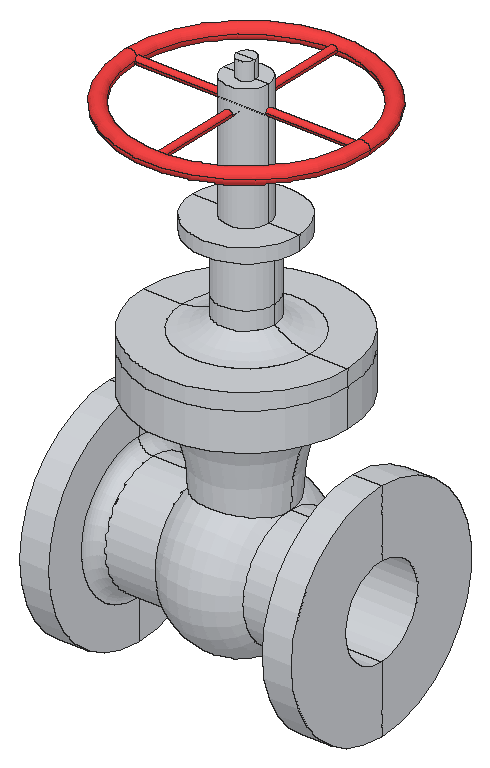
Revit family "闸阀变径", category 管道附件, Revit 2020
Family settings
  圆形连接件大小 = 使用半径
  零件类型 = 阀门 - 插入
  基于工作平面 = 否
  总是垂直 = 是
  加载时剪切的空心 = 否
  共享 = 否
Parameters (values of type "25mm")
  Default Elevation = 0 mm
  阀门设置 [instance] = ""
  阀门类型 [instance] = ""
  阀门状态 [instance] = ""
  阀盖厚 [instance] = 公称直径 * (60 / 100)  # 15 mm
  阀盖_半宽 [instance] = 公称直径 * (112.8 / 100)  # 28.2 mm
  阀盖_上_径 [instance] = 公称直径 * (39 / 100)  # 9.75 mm
  阀杆 [instance] = 公称直径 * (28.4 / 100)  # 7.1 mm
  阀体颈-2 [instance] = 公称直径 / 2 * (15 / 50)  # 3.75 mm
  阀体颈_1 [instance] = 公称直径 / 2 * (15 / 50)  # 3.75 mm
  阀体_颈_高 [instance] = 公称直径 * (167 / 100)  # 41.75 mm
  阀体_长_1 [instance] = 公称直径 * (300 / 100)  # 75 mm
  阀体_弧_宽 [instance] = 公称直径 * (99 / 100)  # 24.75 mm
  阀体_弧_2 [instance] = 公称直径 / 2 * (65 / 50)  # 16.25 mm
  阀体_弧_1 [instance] = 公称直径 / 2 * (64.7 / 50)  # 16.175 mm
  阀体_厚度_2 [instance] = 公称直径 / 2 * (124 / 50)  # 31 mm
  阀体_厚度 [instance] = 公称直径 / 2 * (65 / 50)  # 16.25 mm
  Assembly Code = ""
  轴_9 [instance] = 公称直径 * (24.2 / 100)  # 6.05 mm
  轴_8 [instance] = 公称直径 * (31.6 / 100)  # 7.9 mm
  轴_6 [instance] = 公称直径 * (10 / 100)  # 2.5 mm
  轴_5 [instance] = 公称直径 * (24.5 / 100)  # 6.125 mm
  轴 [instance] = 公称直径 * (45.1 / 100)  # 11.275 mm
  说明信息 [instance] = ""
  Description = ""
  编码 [instance] = ""
  Type Comments = ""
  阀门直径 [instance] = 0
  Keynote = ""
  法盘_厚_2 [instance] = 公称直径 / 2 * (32 / 50)  # 8 mm
  法盘_厚_1 [instance] = 公称直径 / 2 * (32 / 50)  # 8 mm
  标签 [instance] = ""
  手轮撑径 [instance] = 公称直径 * (4 / 100)  # 1 mm
  手轮撑_长 [instance] = 公称直径 * (243.3 / 100)  # 60.825 mm
  手轮_外径 [instance] = 公称直径 * (8 / 100)  # 2 mm
  手轮_内径 [instance] = 公称直径 * (128.6 / 100)  # 32.15 mm
  局部阻力系数 [instance] = 0
  型号信息 [instance] = ""
  Model = ""
  名称 [instance] = ""
  压板_半宽 [instance] = 公称直径 * (58.8 / 100)  # 14.7 mm
  压板 [instance] = 公称直径 * (15.7 / 100)  # 3.925 mm
  Manufacturer = ""
  公称直径 [instance] = 25 mm
  公称半径 [instance] = 公称直径 / 2  # 12.5 mm
  阀体_颈_宽 [instance] = 公称直径 / 2 * (84.9 / 50)  # 21.225 mm
  中道垫片_厚 [instance] = 公称直径 * (60 / 100)  # 15 mm
  中道垫片_内径 [instance] = 公称直径 * (78 / 100)  # 19.5 mm
  下游标高 [instance] = 0
  上颈_径 [instance] = 公称直径 * (57.7 / 100)  # 14.425 mm
  压板半宽 [instance] = 公称直径 * (58.8 / 100)  # 14.7 mm
  手轮高 [instance] = 公称直径 * (450.7 / 100)  # 112.675 mm
  阀体高度_6 [instance] = 公称直径 * (310.5 / 100)  # 77.625 mm
  阀体高度_2 [instance] = 公称直径 * (167 / 100)  # 41.75 mm
  阀体高度_1 [instance] = 公称直径 / 2 * (65 / 50)  # 16.25 mm
  阀体高度_4 [instance] = 公称直径 * (157.4 / 100)  # 39.35 mm
  阀体高度_5 [instance] = 公称直径 * (330 / 100)  # 82.5 mm
  上游标高 [instance] = 0
  URL = ""
  K Coefficient Table = (empty or 0)
Reference planes
  plane 1 "中心(前/后)": y = 0.223
  plane 2: z = 0
  plane 3 "中心(左/右)": x = -0.011
  plane 4: x = -37.511
  plane 5: x = 37.489
  plane 6: z = -12.5
  plane 7: z = -31
  plane 8: z = -16.25
  plane 9: x = 29.489
  plane 10: x = -29.511
  plane 11: x = -12.386
  plane 12: x = 12.364
  plane 13: z = 0
  plane 14: z = -16.25
  plane 15: z = 41.75
  plane 16: z = 16.25
  plane 17: z = 116.2
  plane 18: x = 21.214
  plane 19: z = 41.75
  plane 20: z = 49.25
  plane 21: z = 81.1
  plane 22: z = 85.025
  plane 23: z = 83.062
  plane 24: x = 2.489
  plane 25: z = 124.25
  plane 26: x = 6.114
  plane 27: x = 7.889
  plane 28: x = 17.639
  plane 29: x = 28.189
  plane 30: x = -0.011
  plane 31: z = 41.75
  plane 32: z = 56.75
  plane 33: x = -0.011
  plane 34: z = 119.375
  plane 35: x = 14.689
  plane 36: y = -30.189
  plane 37: y = 30.636
  plane 38: x = -0.011
  plane 39: x = -32.161
  plane 40: x = -30.424
  plane 41: x = 30.401
  plane 42: z = 112.675
  plane 43: z = 112.675
  plane 44: z = 112.675
Forms (mm)
  Revolve 1, solid, detail levels fine
    sketch origin (0, 0, 0) x (1, 0, 0) y (0, 0, 1)
      loop
        line (-37.511, -31) -> (-29.511, -31) -> (-29.511, -20)
        arc (-29.511, -20) -> (-28.413, -17.348) -> (-25.761, -16.25) r 3.75
        line (-25.761, -16.25) -> (25.739, -16.25)
        arc (25.739, -16.25) -> (28.391, -17.348) -> (29.489, -20) r 3.75
        line (29.489, -20) -> (29.489, -31) -> (37.489, -31) -> (37.489, -12.5) -> (-37.511, -12.5) -> (-37.511, -31)
      axis (-37.511, 0) -> (37.489, 0)
    angle from 0 to 360
  Revolve 2, solid, detail levels fine
    sketch origin (-37.144, 0.223, 0) x (1, 0, 0) y (0, 0, 1)
      loop
        arc (24.758, -16.25) -> (37.133, -22.009) -> (49.508, -16.25) r 16.175
        line (49.508, -16.25) -> (24.758, -16.25)
      axis (49.508, 0) -> (24.758, 0)
    angle from 0 to 360
  Revolve 3, solid, detail levels fine
    sketch origin (0, 0, 0.047) x (1, 0, 0) y (0, 0, 1)
      loop
        line (-0.011, 41.703) -> (-0.011, 16.203) -> (12.364, 16.203)
        spline (12.364, 16.203) -> (12.425, 18.922) -> (12.609, 21.533) -> (12.915, 24.037) -> (13.345, 26.432) -> (13.898, 28.719) -> (14.574, 30.898) -> (15.373, 32.969) -> (16.295, 34.932) -> (17.34, 36.787) -> (18.509, 38.533) -> (19.8, 40.172) -> (21.214, 41.703)
        line (21.214, 41.703) -> (-0.011, 41.703)
      axis (-0.011, 41.703) -> (-0.011, 16.203)
    angle from 0 to 360
  Revolve 4, solid, detail levels fine
    sketch origin (0, 0.223, 0) x (1, 0, 0) y (0, 0, 1)
      loop
        line (-0.011, 41.75) -> (28.189, 41.75) -> (28.189, 52.156) -> (28.189, 56.75) -> (17.639, 56.75)
        arc (17.639, 56.75) -> (12.408, 57.732) -> (7.889, 60.544) r 14.425
        line (7.889, 60.544) -> (7.889, 65.603) -> (7.889, 81.1) -> (14.689, 81.1) -> (14.689, 85.025) -> (6.114, 85.025) -> (6.114, 119.375) -> (2.489, 119.375) -> (2.489, 124.207) -> (-0.011, 124.207) -> (-0.011, 41.75)
      axis (-0.011, 124.207) -> (-0.011, 41.75)
    angle from 0 to 360
  Revolve 5, solid, material "手柄", detail levels fine
    sketch origin (0, 0.223, 0) x (1, 0, 0) y (0, 0, 1)
      loop
        circle (-32.161, 112.675) r 2
      axis (-0.011, 112.675) -> (-0.011, 111.675)
    angle from 0 to 360
  Extrusion 6, solid, material "手柄", detail levels fine
    sketch origin (0, 0.223, 0) x (1, 0, 0) y (0, 0, 1)
      loop
        circle (-0.011, 112.675) r 1
    from -30.412 to 30.413
  Extrusion 7, solid, material "手柄", detail levels fine
    sketch origin (-64.311, 64.534, 0) x (0, 1, 0) y (0, 0, 1)
      loop
        circle (-64.311, 112.675) r 1
    from 33.887 to 94.712
Dimensions and locks
  equal spacing: plane 4, plane 3 "中心(左/右)", plane 5
  "阀体_长_1": plane 4 to plane 5
  "公称半径": level to plane 6
  "阀体_厚度": level to plane 8
  "阀体_厚度_2": level to plane 7
  "法盘_厚_1": plane 4 to plane 10
  "法盘_厚_2": plane 5 to plane 9
  equal spacing: plane 11, plane 3 "中心(左/右)", plane 12
  "阀体_弧_宽": plane 11 to plane 12
  "阀体_弧_2": plane 13 to plane 14
  "阀体高度_1": plane 16 to level
  "阀体_颈_高": plane 15 to level
  "阀体_颈_宽": plane 18 to plane 3 "中心(左/右)"
  equal spacing: plane 22, plane 23, plane 21
  "压板": plane 22 to plane 21
  "阀盖_半宽": plane 29 to plane 3 "中心(左/右)"
  "阀盖_上_径": plane 28 to plane 27
  "阀体高度_2": plane 31 to level
  equal spacing: plane 32, plane 20, plane 31
  "中道垫片_厚": plane 32 to plane 31
  "阀体高度_4": plane 21 to plane 31
  "阀体高度_6": plane 34 to plane 31
  "阀体高度_5": plane 25 to plane 31
  "轴_6": plane 30 to plane 24
  "轴_5": plane 30 to plane 26
  "轴_8": plane 27 to plane 33
  "压板半宽": plane 3 "中心(左/右)" to plane 35
  equal spacing: plane 37, plane 1 "中心(前/后)", plane 36
  "手轮撑_长": plane 37 to plane 36
  "手轮_内径": plane 38 to plane 39
  equal spacing: plane 40, plane 3 "中心(左/右)", plane 41
  "手轮撑_长": plane 40 to plane 41
  "手轮高": plane 42 to level
  "手轮高": level to plane 43
  "手轮高": plane 44 to level
  "阀体颈_1": radius of Revolve 1 sketch curve
  "阀体颈-2": radius of Revolve 1 sketch curve
  "阀体_弧_1": radius of Revolve 2 sketch curve
  "上颈_径": radius of Revolve 4 sketch curve
  "手轮_外径": radius of Revolve 5 sketch curve
  "手轮撑径": radius of Extrusion 6 sketch curve
  "手轮撑径": radius of Extrusion 7 sketch curve
  aligned and locked: Revolve 1 sketch curve to plane 4
  aligned and locked: plane 5 to Revolve 1 sketch curve
  aligned and locked: Revolve 1 sketch curve to Revolve 1 sketch curve
  aligned and locked: Revolve 1 sketch curve to plane 2
  aligned and locked: plane 6 to Revolve 1 sketch curve
  aligned and locked: plane 7 to Revolve 1 sketch curve
  aligned and locked: plane 8 to Revolve 1 sketch curve
  aligned and locked: plane 9 to Revolve 1 sketch curve
  aligned and locked: plane 10 to Revolve 1 sketch curve
  aligned and locked: plane 12 to Revolve 2
  aligned and locked: plane 2 to plane 13
  aligned and locked: plane 14 to Revolve 2 sketch curve
  aligned and locked: plane 15 to Revolve 3 sketch curve
  aligned and locked: plane 16 to Revolve 3 sketch curve
  aligned and locked: Revolve 3 sketch curve to plane 3 "中心(左/右)"
  aligned and locked: plane 3 "中心(左/右)" to Revolve 3 sketch curve
  aligned and locked: plane 19 to Revolve 4 sketch curve
  aligned and locked: plane 22 to Revolve 4 sketch curve
  aligned and locked: plane 21 to Revolve 4 sketch curve
  aligned and locked: plane 29 to Revolve 4 sketch curve
  aligned and locked: plane 27 to Revolve 4 sketch curve
  aligned and locked: Revolve 4 sketch curve to plane 26
  aligned and locked: plane 30 to plane 3 "中心(左/右)"
  aligned and locked: plane 31 to plane 19
  aligned and locked: plane 32 to Revolve 4 sketch curve
  aligned and locked: plane 3 "中心(左/右)" to plane 33
  aligned and locked: plane 34 to Revolve 4 sketch curve
  aligned and locked: plane 3 "中心(左/右)" to Revolve 4 sketch curve
  aligned and locked: plane 35 to Revolve 4 sketch curve
  aligned and locked: plane 36 to Extrusion 6
  aligned and locked: plane 37 to Extrusion 6
  aligned and locked: plane 3 "中心(左/右)" to plane 38
  aligned and locked: plane 40 to Extrusion 7
  aligned and locked: plane 42 to Revolve 5 sketch curve
  aligned and locked: plane 43 to Extrusion 7 sketch curve
  aligned and locked: plane 44 to Extrusion 6 sketch curve
  aligned and locked: Extrusion 7 to plane 41
Automatic sketch dimensions
  Revolve 1 sketch curve to level = 0 mm
  Revolve 1 sketch curve to plane 4 = 0 mm
  Revolve 1 sketch curve to plane 7 = 0 mm
  plane 4 to Revolve 1 sketch curve = 75 mm
  Revolve 1 sketch curve to plane 5 = 56 mm
  Revolve 2 sketch curve to level = 0 mm
  Revolve 2 sketch curve to plane 11 = 0 mm
  Revolve 2 sketch curve to plane 3 "中心(左/右)" = 0 mm
  plane 11 to Revolve 2 sketch curve = 40.492 mm
  Revolve 2 sketch curve to plane 12 = 15.492 mm
  Revolve 3 sketch curve to plane 12 = 0 mm
  Revolve 3 sketch curve to plane 18 = 0 mm
  Revolve 3 sketch curve to Revolve 3 sketch curve = 33.9 mm
  plane 16 to Revolve 3 sketch curve = 15 mm
  Revolve 4 sketch curve to plane 3 "中心(左/右)" = 0 mm
  Revolve 4 sketch curve to plane 24 = 0 mm
  Revolve 4 sketch curve to plane 28 = 0 mm
  level to Revolve 4 sketch curve = 35.831 mm
  plane 20 to Revolve 4 sketch curve = 2.906 mm
  Revolve 4 sketch curve to plane 21 = 15.497 mm
  Revolve 4 sketch curve to plane 25 = 0.043 mm
  plane 25 to Revolve 4 sketch curve = 10.361 mm
  Revolve 5 sketch curve to plane 39 = 0 mm
  Revolve 5 sketch curve to plane 3 "中心(左/右)" = 0 mm
  plane 42 to Revolve 5 sketch curve = 14.974 mm
  Revolve 5 sketch curve to plane 42 = 35.026 mm
  Extrusion 6 sketch curve to plane 3 "中心(左/右)" = 0 mm
  Extrusion 7 sketch curve to plane 1 "中心(前/后)" = 0 mm
Connectors
  piping at (37.489, 0, 0), diameter 25, driven by "公称半径"
    settings: on Revolve 1, index 1, connector inside diameter 150 mm, connector length 0 mm, flow factor 0, pipe flow 0.0 L/s, pressure drop 0.0 Pa, fitting loss kfactor 0, connector angle 0.00°, fixture units 0, engagement length 0 mm, angle of deflection 0.00°, flow configuration 0, flow direction 0, fitting loss method 2, system type 29, joint type 0, gender type 0, connector reference index -1, connector utility 0, adjustable connector no, is connector primary yes, connector description ""
  piping at (-37.511, 0, 0), diameter 25, driven by "公称半径"
    settings: on Revolve 1, index 2, connector inside diameter 150 mm, connector length 0 mm, flow factor 0, pipe flow 0.0 L/s, pressure drop 0.0 Pa, fitting loss kfactor 0, connector angle 0.00°, fixture units 0, engagement length 0 mm, angle of deflection 0.00°, flow configuration 0, flow direction 0, fitting loss method 2, system type 29, joint type 0, gender type 0, connector reference index 3, connector utility 0, adjustable connector no, is connector primary no, connector description ""
  piping at (37.489, 0, 0), diameter 25, driven by "公称半径"
    settings: on Revolve 1, index 3, connector inside diameter 150 mm, connector length 0 mm, flow factor 0, pipe flow 0.0 L/s, pressure drop 0.0 Pa, fitting loss kfactor 0, connector angle 0.00°, fixture units 0, engagement length 0 mm, angle of deflection 0.00°, flow configuration 0, flow direction 0, fitting loss method 0, system type 29, joint type 0, gender type 0, connector reference index 2, connector utility 0, adjustable connector no, is connector primary no, connector description ""
